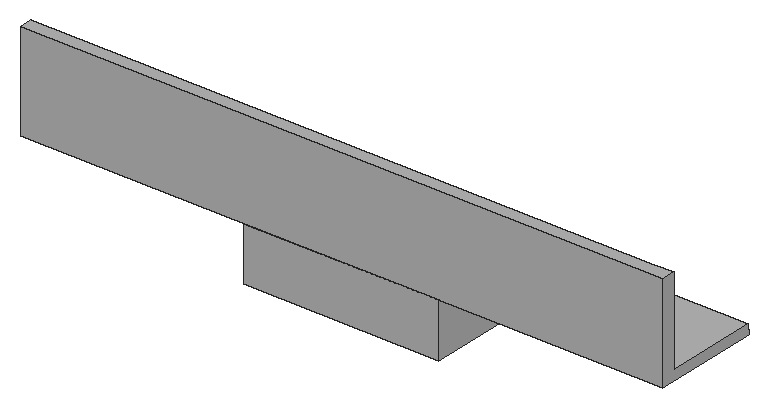
Revit family "3039986 Lighting Fixture_Sylvania_Lumina Edge LED_Wall Mounted", category Lighting Fixtures, host Face, Revit 2017
Family settings
  Host = Face
  Round Connector Dimension = Use Diameter
  Part Type = Normal
  OmniClass Number = 23.80.70.11.17
  OmniClass Title = Specialized Lighting by Location or Use
  Cut with Voids When Loaded = No
  Light Source = Yes
  Shared = No
  Room Calculation Point = No
Parameters (values of type "Lumina Edge LED 2700K")
  IP Rating = "IP20"  # constant formula
  Height = 55.0 mm  # constant formula
  Wattage = 12 W
  Width = 78.0 mm  # constant formula
  built-in parameter 1150110 = 1 (stored number, unit not read)
  Voltage Comments = "UNV (Universal Voltage; 100-240 Volt)"  # constant formula
  Voltage = 240 V  # constant formula
  URL = "http://www.sylvania-lighting.com"
  built-in parameter 1114217 = 1 (stored number, unit not read)
  Tilt Angle = -90.00°
  built-in parameter 1150109 = 1 (stored number, unit not read)
  built-in parameter 1150134 = (empty or 0)
  built-in parameter 1150113 = 1 (stored number, unit not read)
  Photometric Web File = "3039986_LuminaEdgeLED2700K-183080.ies"
  Product Page URL = "http://www.sylvania-lighting.com/product/en-int/products/3039986"
  Product Family = "Lumina LED"  # constant formula
  Photometry Comments = ""
  built-in parameter 1150105 = 49.656 (stored number, unit not read)
  Lumens = 624 lm
  built-in parameter 1150115 = 1 (stored number, unit not read)
  built-in parameter 1150137 = (empty or 0)
  built-in parameter 1150139 = (empty or 0)
  Light Distribution = "Indirect"  # constant formula
  Life = "30 000h"  # constant formula
  Length = 330.0 mm  # constant formula
  built-in parameter 1150112 = 1 (stored number, unit not read)
  built-in parameter 1150114 = 1 (stored number, unit not read)
  built-in parameter 1150132 = 2
  built-in parameter 1150102 = (empty or 0)
  built-in parameter 1150107 = 2700 (stored number, unit not read)
  built-in parameter 1150138 = (empty or 0)
  built-in parameter 1150106 = 0.49656 (stored number, unit not read)
  Energy Class = "A++, A+, A"  # constant formula
  Emit from Rectangle Width = 25.0 mm  # constant formula
  Emit from Rectangle Length = Diffuser Length  # 310.0 mm
  Emit Shape Visible in Rendering = no
  Electrical Protection = "Class II"  # constant formula
  built-in parameter 1150104 = 4.831 (stored number, unit not read)
  Drive Current = "350mA"  # constant formula
  Dimming Lamp Color Temperature Shift = <None>
  Mounting Length = 100.0 mm
  Diffuser Length = Length - 20.0 mm  # 310.0 mm
  Color Filter = 16777215
  built-in parameter 1114218 = 1 (stored number, unit not read)
  built-in parameter 1150133 = 10 (stored number, unit not read)
  built-in parameter 1114216 [instance] = 1 (stored number, unit not read)
  Body Material = Aluminum_Sylvania_Edge LED_White_RAL 9016
  Model = "3039986 Lumina Edge LED 2700K"
  Manufacturer = "Feilo Sylvania"  # constant formula
  Lamp = "LED"
  Diffuser Material = Polycarbonate_Sylvania_Edge LED_Clear
  Description = "Lumina LED is a new range of ambient & decorative LED wall lights. Consisting of multiple decorative styles, they are suitable for use in any hospitality or residential application such as reception areas, hallways and lounge spaces. Lumina LED offers a selection of different styles to suit multiple applications. With a 2,700K colour temperature it provides a soft and ambient lighting effect. Lumina LED provides direct/indirect ambient light with an efficacy of up to 87lm/W; up to 50% more energy efficient than equivalent products using traditional lamp sources."  # constant formula
  Default Elevation = 0.0 mm
  built-in parameter 1140040 [instance] = 1
  Assembly Code = "D5020200"
  Apparent Load Comments = ""
  Apparent Load = 12 VA
Reference planes
  plane 1 "Fixture Bottom": y = -50
  plane 2: z = 0
  plane 3 "Center (Left/Right)": x = 0
  plane 4 "Profile Front": z = 78
  plane 5: y = -43
  plane 6: z = 33
  plane 7 "Profile Back": z = 28
  plane 8 "Mounting Top": y = 0
  plane 9 "Fixture Top": y = 5
  plane 10: y = -45
  plane 11 "Fixture Left": x = -165
  plane 12 "Fixture Right": x = 165
  plane 13 "Mounting Left": x = -50
  plane 14 "Mounting Right": x = 50
  plane 15 "Diffuser Left": x = -155
  plane 16 "Diffuser Right": x = 155
  plane 17 "Diffuser Front": z = 68
  plane 18 "Diffuser Back": z = 43
  plane 19 "Diffuser Center": z = 55.5
Forms (mm)
  Extrusion 1, void
    sketch origin (0, -50, 0) x (0, -1, 0) y (0, 0, 1)
      loop
        line (-10, 78) -> (-10, 33) -> (-7, 33) -> (-7, 43) -> (-5, 43) -> (-5, 47) -> (-2, 47) -> (-2, 64) -> (-5, 64) -> (-5, 68) -> (-7, 68) -> (-7, 78) -> (-10, 78)
    from -155 to 155
  Extrusion 2, solid, material "Aluminum_Sylvania_Edge LED_White_RAL 9016" <- "Body Material", detail levels fine
    sketch origin (0, -50, 0) x (0, -1, 0) y (0, 0, 1)
      loop
        line (0, 78) -> (-7, 78) -> (-7, 33) -> (-55, 33) -> (-55, 28) -> (0, 28) -> (0, 78)
    from -165 to 165
  Extrusion 3, solid, material "Polycarbonate_Sylvania_Edge LED_Clear" <- "Diffuser Material", detail levels fine
    sketch origin (0, -50, 0) x (0, -1, 0) y (0, 0, 1)
      loop
        line (-7, 68) -> (-7, 43) -> (-5, 43) -> (-5, 68) -> (-7, 68)
    from -155 to 155
  Extrusion 4, solid, material "Aluminum_Sylvania_Edge LED_White_RAL 9016" <- "Body Material", detail levels coarse+medium
    sketch origin (0, -50, 0) x (0, -1, 0) y (0, 0, 1)
      loop
        line (-7, 78) -> (-7, 33) -> (-55, 33) -> (-55, 28) -> (0, 28) -> (0, 78) -> (-7, 78)
    from -165 to 165
  Extrusion 5, solid, material "Aluminum_Sylvania_Edge LED_White_RAL 9016" <- "Body Material"
    sketch origin (0, -50, 0) x (0, -1, 0) y (0, 0, 1)
      loop
        line (0, 28) -> (-50, 28) -> (-50, 0) -> (0, 0) -> (0, 28)
    from -50 to 50
Cuts and joins
  Extrusion 1 cuts Extrusion 2
Dimensions and locks
  locked: Extrusion 1 sketch curve to plane 10 at 3
  locked: Extrusion 1 sketch curve to plane 5 at 2
  equal spacing: plane 12 "Fixture Right", plane 3 "Center (Left/Right)", plane 11 "Fixture Left"
  "Length": plane 12 "Fixture Right" to plane 11 "Fixture Left"
  equal spacing: plane 14 "Mounting Right", plane 3 "Center (Left/Right)", plane 13 "Mounting Left"
  "Mounting Length": plane 14 "Mounting Right" to plane 13 "Mounting Left"
  locked: plane 10 to Extrusion 1 sketch curve at 5
  equal spacing: plane 16 "Diffuser Right", plane 3 "Center (Left/Right)", plane 15 "Diffuser Left"
  "Diffuser Length": plane 16 "Diffuser Right" to plane 15 "Diffuser Left"
  locked: plane 17 "Diffuser Front" to Extrusion 1 sketch curve at 4
  locked: plane 18 "Diffuser Back" to Extrusion 1 sketch curve at 4
  plane 4 "Profile Front" to plane 17 "Diffuser Front" to plane 19 "Diffuser Center" to plane 18 "Diffuser Back" to plane 6 to plane 7 "Profile Back" = 10.0 mm, 12.5 mm, 12.5 mm, 10.0 mm, 5.0 mm locked
  "Width": plane 4 "Profile Front" to plane 2
  "Height": plane 9 "Fixture Top" to plane 1 "Fixture Bottom"
  plane 8 "Mounting Top" to plane 5 to plane 10 to plane 1 "Fixture Bottom" = 43.0 mm, 2.0 mm, 5.0 mm
  aligned and locked: level to host face
  aligned and locked: level to plane 2
  aligned and locked: plane 4 "Profile Front" to Extrusion 1 sketch curve
  aligned and locked: Extrusion 1 sketch curve to plane 6
  aligned and locked: Extrusion 1 sketch curve to plane 10
  aligned and locked: plane 7 "Profile Back" to Extrusion 2 sketch curve
  aligned and locked: plane 1 "Fixture Bottom" to Extrusion 2 sketch curve
  aligned and locked: Extrusion 2 sketch curve to plane 5
  aligned and locked: Extrusion 2 sketch curve to plane 4 "Profile Front"
  aligned and locked: Extrusion 2 sketch curve to plane 9 "Fixture Top"
  aligned and locked: Extrusion 2 sketch curve to plane 6
  aligned and locked: plane 12 "Fixture Right" to Extrusion 2
  aligned and locked: Extrusion 2 to plane 11 "Fixture Left"
  aligned and locked: plane 16 "Diffuser Right" to Extrusion 1
  aligned and locked: Extrusion 1 to plane 15 "Diffuser Left"
  aligned and locked: Extrusion 3 sketch curve to plane 10
  aligned and locked: plane 5 to Extrusion 3 sketch curve
  aligned and locked: plane 16 "Diffuser Right" to Extrusion 3
  aligned and locked: Extrusion 3 to plane 15 "Diffuser Left"
  aligned and locked: plane 9 "Fixture Top" to Extrusion 4 sketch curve
  aligned and locked: Extrusion 4 sketch curve to plane 7 "Profile Back"
  aligned and locked: Extrusion 4 sketch curve to plane 1 "Fixture Bottom"
  aligned and locked: plane 4 "Profile Front" to Extrusion 4 sketch curve
  aligned and locked: plane 5 to Extrusion 4 sketch curve
  aligned and locked: Extrusion 4 sketch curve to plane 6
  aligned and locked: Extrusion 4 to plane 11 "Fixture Left"
  aligned and locked: Extrusion 1 sketch curve to plane 17 "Diffuser Front"
  aligned and locked: Extrusion 1 sketch curve to plane 18 "Diffuser Back"
  aligned and locked: Extrusion 3 sketch curve to plane 18 "Diffuser Back"
  aligned and locked: plane 17 "Diffuser Front" to Extrusion 3 sketch curve
  aligned and locked: Extrusion 5 sketch curve to plane 7 "Profile Back"
  aligned and locked: plane 2 to Extrusion 5 sketch curve
  aligned and locked: plane 1 "Fixture Bottom" to Extrusion 5 sketch curve
  aligned and locked: Extrusion 5 sketch curve to plane 8 "Mounting Top"
  aligned and locked: plane 14 "Mounting Right" to Extrusion 5
  aligned and locked: Extrusion 5 to plane 13 "Mounting Left"
  aligned and locked: plane 12 "Fixture Right" to Extrusion 4
  aligned and locked: imposter light to plane 5
  aligned and locked: imposter light to plane 19 "Diffuser Center"
  aligned and locked: imposter light to plane 3 "Center (Left/Right)"
Automatic sketch dimensions
  host sketch curve to host sketch curve = 804.87 mm
  host sketch curve to host sketch curve = 515.848 mm
  Extrusion 1 sketch curve to plane 5 = 0.0 mm  (x2)
Connectors
  electrical at (0, -25, 0), driven by "Voltage", driven by "Apparent Load"
    settings: on Extrusion 5, index 1, voltage 240 V, apparent load 0 VA, apparent load phase1 12 VA, apparent load phase2 0 VA, apparent load phase3 0 VA, power factor 1, load classification "Lighting", number of poles 1, system type 31, power factor state 1, is connector primary yes, connector utility no, sub classification motor no, connector description ""
